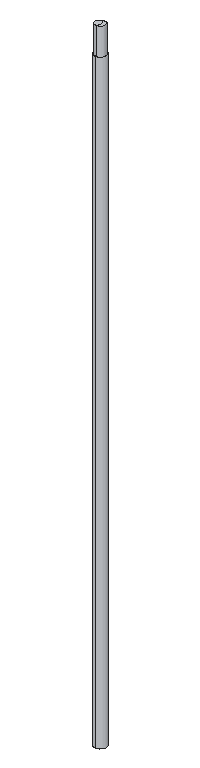
Revit family "PRD_FrankeWS_ShwrFttngsPckg_ExtensionForCoupling-rod_ZFAID0003", category Specialty Equipment, Revit 2018
Family settings
  Round Connector Dimension = Use Diameter
  Part Type = Normal
  OmniClass Number = 23.45.05.14.99
  OmniClass Title = Other Sanitary Washing Plumbing Fixtures
  Work Plane-Based = Yes
  Always vertical = Yes
  Cut with Voids When Loaded = No
  Shared = No
  Room Calculation Point = No
Parameters (values of type "ZFAID0003")
  WarrantyStartDate [instance] = "1900-12-31T23:59:59"
  WarrantyGuarantorParts = "n/a"
  WarrantyGuarantorLabor = "n/a"
  WarrantyDurationUnit = "year"
  WarrantyDurationParts = "n/a"
  WarrantyDurationLabor = "n/a"
  WarrantyDescription = "n/a"
  Version = "1"
  Uniclass2015Version = "Products v1.17"
  Uniclass2015Title = "Shower fittings package"
  Uniclass2015Code = "Pr_40_20_87_75"
  URL = "www.kwc.com"
  TailorMade = "No"
  TagNumber [instance] = "n/a"
  SustainabilityPerformance = "n/a"
  Status = "New"
  Size = "n/a"
  Shape = "n/a"
  SerialNumber [instance] = "n/a"
  Revision = "n/a"
  ReplacementCost = "n/a"
  Reference = "n/a"
  QuantityUom = "n/a"
  Quantity = "n/a"
  ProductInformation = "https://pim.kwc.com/product/2030061050/attachment/datasheet?locale=en"
  ProductCode = "216.0630.466"
  NominalWidth = 0 mm
  NominalLength = 500 mm
  NominalHeight = 0 mm
  NominalDepth = 0 mm
  NetWeight = 0.00 kg
  Name = "Extension for coupling-rod ZFAID0003"
  NBSTypeID = "n/a"
  NBSReference = "45-35-70/330"
  NBSOfficeMasterTag = "n/a"
  NBSNote = "n/a"
  NBSDescription = "Shower fittings package"
  NBSCertification = "n/a"
  ModelReference = "ZFAID0003"
  ModelNumber = "2030061050"
  Model = ModelReference  # "ZFAID0003"
  Material = "n/a"
  ManufacturerURL = "www.kwc.com"
  ManufacturerName = "KWC Group AG"  # constant formula
  Manufacturer = ManufacturerName  # "KWC Group AG"
  IntegralAccessories = "n/a"
  InstallationDate [instance] = "1900-12-31T23:59:59"
  IfcExportType = "USERDEFINED"
  IfcExportAs = "IfcSanitaryTerminalType"
  GrossWeight = 0.20 kg
  Grade = "n/a"
  Finish = "n/a"
  Features = "length 500 mm"
  ExpectedLife = "n/a"
  DurationUnit = "year"
  Description = "Coupling/pull-rod extension for wider doors, length 500 mm."
  Default Elevation = 1219.2 mm
  CreatedOn = "08/2021"  # constant formula
  Constituents = "n/a"
  Color = "n/a"
  CodePerformance = "n/a"
  Category = "Pr_40_20_87_75, Shower fittings package"
  BodyMaterial = none
  BarCode [instance] = "n/a"
  BIMObjectName = "PRD_AR_ShowerFittingsPackage_ExtensionForCoupling-rod_ZFAID0003"
  Author = "Archispace"  # constant formula
  AssetType = "Fixed"
  AssetIdentifier [instance] = "n/a"
  AccessibilityPerformance = "n/a"
Reference planes
  plane 1 "Center (Front/Back)": y = 0
  plane 2: z = 0
  plane 3 "Center (Left/Right)": x = 0
Forms (mm)
  Revolve 1, solid, material <- "BodyMaterial", detail levels fine
    sketch origin (0, 0, 0) x (0, 1, 0) y (0, 0, 1)
      loop
        line (0, 0) -> (0, 500) -> (0, 522) -> (-4, 522) -> (-4, 500) -> (-5, 500) -> (-5, 0) -> (0, 0)
      axis (0, 522) -> (0, 0)
    angle from 0 to 360
  Revolve 2, solid, material <- "BodyMaterial", detail levels coarse+medium
    sketch origin (0, 0, 0) x (0, 1, 0) y (0, 0, 1)
      loop
        line (0, 0) -> (0, 500) -> (0, 522) -> (-5, 522) -> (-5, 0) -> (0, 0)
      axis (0, 522) -> (0, 0)
    angle from 0 to 360
Dimensions and locks
  aligned and locked: level to plane 2
